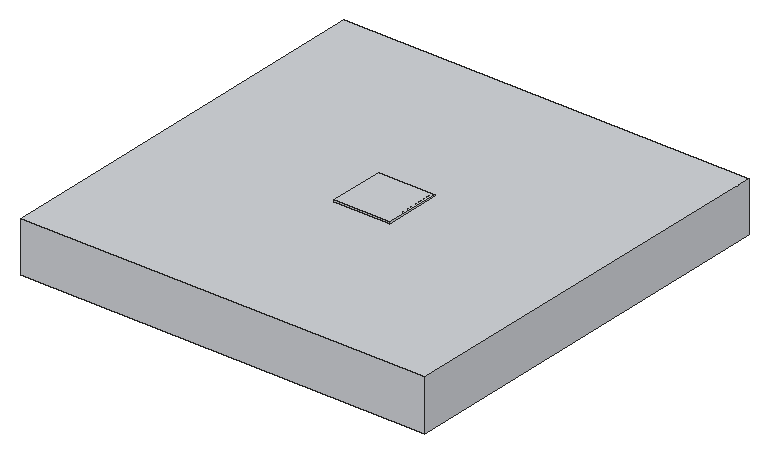
Revit family "M_Grelha do exaustor - Pescoço quadrado com face retangular - Hospedado", category Terminais de ar, Revit 2019
Family settings
  Hospedeiro = Face
  Cota do conector redondo = Utilizar diâmetro
  Tipo de parte = Normal
  Número OmniClass = 23.75.70.21.27.11
  Título OmniClass = Diffusers, Registers, and Grilles
  ID de item do Seek = Exhaust Grille - Rectangular Face Square Neck - Hosted-0000-CAN-ENU
  Corte com vazios quando carregada = Não
  Compartilhado = Não
  Ponto de cálculo do ambiente = Não
Parameters (values of type "Padrão")
  Queda de pressão [instance] = 1.5 Pa
  Número [instance] = Comprimento 2 / 19.05 mm  # 15
  Comprimento 2 [instance] = Largura da grelha - 2 * (26.987 mm)  # 286.025 mm
  Comprimento 1 [instance] = Comprimento da grelha - 2 * 26.987 mm  # 286.025 mm
  Meio comprimento da grelha [instance] = Comprimento da grelha / 2  # 170 mm
  Largura da grelha [instance] = Largura do duto + 40 mm  # 340 mm
  Material da grelha = none
  Comprimento da grelha [instance] = Altura do duto + 40 mm  # 340 mm
  Altura da grelha = 51 mm
  Largura do duto [instance] = 300 mm
  Altura do duto [instance] = 300 mm
  Meia altura do duto [instance] = Altura do duto / 2  # 150 mm
  Elevação-padrão = 1200 mm
  Fluxo de ar [instance] = 127.0 L/s
Reference planes
  plane 1 "Centro (Frente/Trás)": y = 0
  plane 2: z = 0
  plane 3 "Centro (Esquerda/Direita)": x = 0
  plane 4: x = -170
  plane 5: x = 170
  plane 6: y = 170
  plane 7: y = -170
  plane 8 "1": z = 6.35
  plane 9: y = 150
  plane 10: y = -150
  plane 11: x = -150
  plane 12: x = 150
  plane 13: z = -44.45
  plane 14: x = -143.012
  plane 15: x = 143.013
  plane 16: y = 143.012
  plane 17: y = -143.013
  plane 18: y = 123.912
Forms (mm)
  Extrusion 1, solid
    sketch origin (0, 0, 0) x (1, 0, 0) y (0, 1, 0)
      loop
        line (-1216.8, 1219.2) -> (-1216.8, -1219.2) -> (1216.8, -1219.2) -> (1216.8, 1219.2) -> (-1216.8, 1219.2)
    from 0 to -304.8
  Extrusion 2, solid, material <- "Material da grelha"
    sketch origin (0, 0, 0) x (1, 0, 0) y (0, 1, 0)
      loop
        line (-170, 170) -> (-170, -170) -> (170, -170) -> (170, 170) -> (-170, 170)
    from 0 to 6.35
  Extrusion 3, solid, material <- "Material da grelha"
    sketch origin (0, 0, 0) x (1, 0, 0) y (0, 1, 0)
      loop
        line (-150, 150) -> (-150, -150) -> (150, -150) -> (150, 150) -> (-150, 150)
    from 0 to -44.45
Cuts and joins
  joined: Extrusion 2, Extrusion 3
Lines and regions (mm)
  model lines
    curve 1: line (-143.013, 143.012, 6.35) -> (-143.013, -143.013, 6.35)
    curve 2: line (143.013, 143.012, 6.35) -> (143.013, -143.013, 6.35)
    curve 3: line (-143.013, -143.013, 6.35) -> (143.013, -143.013, 6.35)
Dimensions and locks
  equal spacing: plane 6, plane 1 "Centro (Frente/Trás)", plane 7
  "Largura da grelha": plane 6 to plane 7
  locked: plane 8 "1" to plane 2 at 6.35
  equal spacing: plane 9, plane 1 "Centro (Frente/Trás)", plane 10
  "Largura do duto": plane 9 to plane 10
  locked: plane 2 to plane 13 at 44.45
  locked: plane 4 to plane 14 at 26.987
  locked: plane 15 to plane 5 at 26.988
  locked: plane 6 to plane 16 at 26.988
  locked: plane 17 to plane 7 at 26.988
  "Meia altura do duto": plane 11 to plane 3 "Centro (Esquerda/Direita)"
  "Meia altura do duto": plane 3 "Centro (Esquerda/Direita)" to plane 12
  "Meio comprimento da grelha": plane 4 to plane 3 "Centro (Esquerda/Direita)"
  "Meio comprimento da grelha": plane 3 "Centro (Esquerda/Direita)" to plane 5
  locked: plane 16 to plane 18 at 19.1
  equal spacing: group 1, group 2, group 3, group 4, group 5, group 6, group 7, group 8, group 9, group 10, group 11, group 12, group 13, group 14, group 15  (x2)
  equal spacing: group 15, group 14, group 13, group 12, group 11, group 10, group 9, group 8, group 7, group 6, group 5, group 4, group 3, group 2, group 1
  aligned and locked: plane 2 to Extrusion 1
  aligned and locked: level to Extrusion 1
  aligned and locked: plane 4 to Extrusion 2 sketch curve
  aligned and locked: Extrusion 2 sketch curve to plane 6
  aligned and locked: plane 7 to Extrusion 2 sketch curve
  aligned and locked: Extrusion 2 sketch curve to plane 5
  aligned and locked: plane 8 "1" to Extrusion 2
  aligned and locked: Extrusion 2 to plane 2
  aligned and locked: plane 11 to Extrusion 3 sketch curve
  aligned and locked: Extrusion 3 sketch curve to plane 9
  aligned and locked: plane 10 to Extrusion 3 sketch curve
  aligned and locked: Extrusion 3 sketch curve to plane 12
  aligned and locked: Extrusion 3 to plane 13
  aligned and locked: plane 2 to Extrusion 3
  aligned and locked: plane 17 to curve 2
  aligned and locked: curve 2 to plane 15
  aligned and locked: plane 16 to curve 2
  aligned and locked: curve 1 to curve 3
  aligned and locked: curve 2 to curve 3
  aligned and locked: curve 3 to plane 17
  aligned and locked: plane 14 to nested 1
  aligned and locked: nested 1 to plane 16
  aligned and locked: plane 14 to nested 2
  aligned and locked: plane 15 to nested 2
  aligned and locked: nested 2 to plane 18
Automatic sketch dimensions
  curve 1 to plane 16 = 0 mm
  curve 3 to plane 14 = 0 mm
  Extrusion 1 sketch curve to Extrusion 1 sketch curve = 2433.6 mm
  Extrusion 1 sketch curve to Extrusion 1 sketch curve = 2438.4 mm
Nested families
  nested 1: "M_Grelha do exaustor do pescoço quadrado com face retangular - Grelha-hospedada" at (-143.012, 143.013, 6.35), type "Grelha do exaustor do pescoço quadrado com face retangular - Grelha-hospedada"
  nested 2: "M_Grelha do exaustor do pescoço quadrado com face retangular - Grelha-hospedada" at (-143.012, 123.913, 6.35), type "Grelha do exaustor do pescoço quadrado com face retangular - Grelha-hospedada"
  nested 3: "M_Grelha do exaustor do pescoço quadrado com face retangular - Grelha-hospedada" at (-143.012, 104.813, 6.35), type "Grelha do exaustor do pescoço quadrado com face retangular - Grelha-hospedada"
  nested 4: "M_Grelha do exaustor do pescoço quadrado com face retangular - Grelha-hospedada" at (-143.012, 85.713, 6.35), type "Grelha do exaustor do pescoço quadrado com face retangular - Grelha-hospedada"
  nested 5: "M_Grelha do exaustor do pescoço quadrado com face retangular - Grelha-hospedada" at (-143.012, 66.613, 6.35), type "Grelha do exaustor do pescoço quadrado com face retangular - Grelha-hospedada"
  nested 6: "M_Grelha do exaustor do pescoço quadrado com face retangular - Grelha-hospedada" at (-143.012, 47.513, 6.35), type "Grelha do exaustor do pescoço quadrado com face retangular - Grelha-hospedada"
  nested 7: "M_Grelha do exaustor do pescoço quadrado com face retangular - Grelha-hospedada" at (-143.012, 28.413, 6.35), type "Grelha do exaustor do pescoço quadrado com face retangular - Grelha-hospedada"
  nested 8: "M_Grelha do exaustor do pescoço quadrado com face retangular - Grelha-hospedada" at (-143.012, 9.313, 6.35), type "Grelha do exaustor do pescoço quadrado com face retangular - Grelha-hospedada"
  nested 9: "M_Grelha do exaustor do pescoço quadrado com face retangular - Grelha-hospedada" at (-143.012, -9.787, 6.35), type "Grelha do exaustor do pescoço quadrado com face retangular - Grelha-hospedada"
  nested 10: "M_Grelha do exaustor do pescoço quadrado com face retangular - Grelha-hospedada" at (-143.012, -28.887, 6.35), type "Grelha do exaustor do pescoço quadrado com face retangular - Grelha-hospedada"
  nested 11: "M_Grelha do exaustor do pescoço quadrado com face retangular - Grelha-hospedada" at (-143.012, -47.987, 6.35), type "Grelha do exaustor do pescoço quadrado com face retangular - Grelha-hospedada"
  nested 12: "M_Grelha do exaustor do pescoço quadrado com face retangular - Grelha-hospedada" at (-143.012, -67.087, 6.35), type "Grelha do exaustor do pescoço quadrado com face retangular - Grelha-hospedada"
  nested 13: "M_Grelha do exaustor do pescoço quadrado com face retangular - Grelha-hospedada" at (-143.012, -86.187, 6.35), type "Grelha do exaustor do pescoço quadrado com face retangular - Grelha-hospedada"
  nested 14: "M_Grelha do exaustor do pescoço quadrado com face retangular - Grelha-hospedada" at (-143.012, -105.287, 6.35), type "Grelha do exaustor do pescoço quadrado com face retangular - Grelha-hospedada"
  nested 15: "M_Grelha do exaustor do pescoço quadrado com face retangular - Grelha-hospedada" at (-143.012, -124.387, 6.35), type "Grelha do exaustor do pescoço quadrado com face retangular - Grelha-hospedada"
Connectors
  hvac at (0, 0, -44.45), driven by "Queda de pressão", driven by "Fluxo de ar", driven by "Largura do duto", driven by "Altura do duto"
    settings: on Extrusion 3, index 1, duct flow 127.0 L/s, flow factor 0, pres drop 1.5 Pa, loss coef 0, conn angle 0.00°, conn width 300 mm, conn height 300 mm, conn diameter 609.6 mm, duct sys type 3, conn prof type 1, flow config 1, flow direction 2, loss method 4, conn ref index -1, conn util no, is conn primary yes, conn desc ""
Definition of nested family "M_Grelha do exaustor do pescoço quadrado com face retangular - Grelha-hospedada"
  Parameters
    Comprimento = 287.3 mm
    Assembly Code = ""
  Reference planes
    plane 1 "Centro (Frente/Trás)": y = 0
    plane 2: z = 0
    plane 3 "Centro (Esquerda/Direita)": x = 0
    plane 4: x = 287.3
  Lines and regions (mm)
    model lines
      curve 1: line (0, 0, 0) -> (287.3, 0, 0)
  Dimensions and locks
    "Comprimento": plane 4 to plane 3 "Centro (Esquerda/Direita)"
    aligned and locked: plane 3 "Centro (Esquerda/Direita)" to curve 1
    aligned and locked: plane 4 to curve 1
    aligned and locked: plane 1 "Centro (Frente/Trás)" to curve 1
